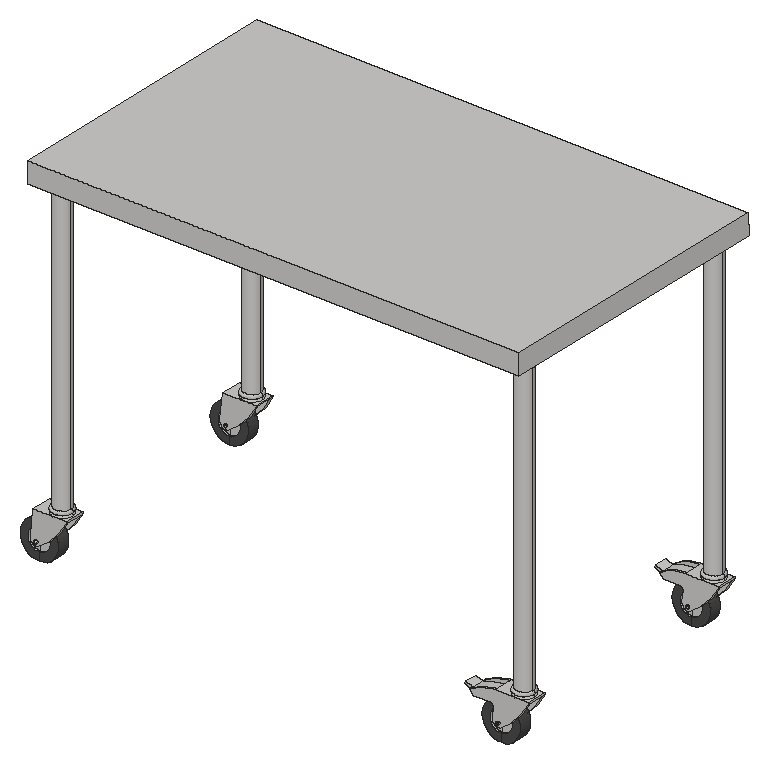
Revit family "QF_ELECTROLUXPROFESSIONAL_133065_TG1200ENR", category Attrezzature speciali, Revit 2020
Family settings
  Quota connettore circolare = Usa diametro
  Tipo di parte = Normale
  Basato su piano di lavoro = No
  Sempre verticale = Sì
  Taglio con vuoti quando caricato = No
  Condiviso = No
  Punto di calcolo locali = No
Parameters (values of type "Standard")
  Weight = 40.00 kg
  Watts = 0 W
  Volts = 0 V
  URL Manufacturer = "https://www.electroluxprofessional.com/"
  URL = "https://www.electroluxprofessional.com/"
  Steam Supply Size = 0 mm
  Steam Supply Minimum Pressure = 0.0 Pa
  Steam Supply Maximum Pressure = 0.0 Pa
  Steam Consumption per Hour = 0
  Refrigeration Suction Line Size = 0.0 mm
  Refrigeration Liquid Line Size = 0.0 mm
  Refrigerant Compressor Remote = yes
  Prospetto di default = 0.0 mm
  Produttore = "Electrolux Professional"
  Phase = 0
  Modello = "TG1200ENR"
  Length Actual = 1200.0 mm  # constant formula
  Item Number = "133065"
  Hot Water Size = 0 mm
  Height Actual = 900.0 mm  # constant formula
  HP = "0 HP"
  Gas Size = 0 mm
  Gas KW = 0
  Gas Input Pressure = 0 W
  Direct Waste Size = 0 mm
  Descrizione = "WORK TABLE ON WHEELS 1200MM H900"
  Depth Actual = 700.0 mm  # constant formula
  Cycle = 0 Hz
  Condensate Return Size = 0 mm
  Compressed Air Volume = 0.0 L/s
  Compressed Air Size = 0 mm
  Compressed Air Pressure = 0.0 Pa
  Cold Water Size = 0 mm
  Accessory = yes
Reference planes
  plane 1 "Center (Front/Back)": y = 0
  plane 2: z = 0
  plane 3 "Center (Left/Right)": x = 0
  plane 4 "LEFT": x = -600
  plane 5 "RIGHT": x = 600
  plane 6 "BACK": y = 350
  plane 7 "FRONT": y = -350
  plane 8 "Base": z = 850
  plane 9 "TOP": z = 900
  plane 10: x = -564.5
  plane 11: x = 564.5
  plane 12: y = 290
  plane 13: y = -290
Forms (mm)
  Extrusion 1, solid, material "QF_Finishes_Stainless Steel"
    sketch origin (0, 0, 900) x (0, 1, 0) y (-1, 0, 0)
      loop
        line (350, 600) -> (-350, 600) -> (-350, -600) -> (350, -600) -> (350, 600)
    from 0 to -50
  Extrusion 2, solid, material "QF_Finishes_Stainless Steel"
    sketch origin (0, 0, 0) x (0, 1, 0) y (0, 0, 1)
      loop
        line (350, 900) -> (-350, 900) -> (-350, 850) -> (350, 850) -> (350, 900)
    from 600 to -600
Lines and regions (mm)
  symbolic lines
    curve 1: line (600, 350, 900) -> (-600, 350, 900)
    curve 2: line (-600, 350, 900) -> (-600, -350, 900)
    curve 3: line (-600, -350, 900) -> (600, -350, 900)
    curve 4: line (600, -350, 900) -> (600, 350, 900)
Dimensions and locks
  plane 4 "LEFT" to plane 5 "RIGHT" = 1200.0 mm
  equal spacing: plane 4 "LEFT", plane 3 "Center (Left/Right)", plane 5 "RIGHT"
  equal spacing: plane 6 "BACK", plane 1 "Center (Front/Back)", plane 7 "FRONT"
  plane 6 "BACK" to plane 7 "FRONT" = 700.0 mm
  plane 8 "Base" to level = 850.0 mm
  plane 9 "TOP" to level = 900.0 mm
  plane 6 "BACK" to plane 12 = 60.0 mm
  plane 13 to plane 7 "FRONT" = 60.0 mm
  plane 4 "LEFT" to plane 10 = 35.5 mm
  plane 11 to plane 5 "RIGHT" = 35.5 mm
  plane 10 to plane 11 = 1129.0 mm
  plane 12 to plane 13 = 580.0 mm
  aligned and locked: level to plane 2
  aligned and locked: plane 10 to nested 1
  aligned and locked: nested 1 to plane 13
  aligned and locked: plane 11 to nested 2
  aligned and locked: nested 2 to plane 13
  aligned and locked: plane 11 to nested 4
  aligned and locked: nested 4 to plane 12
  aligned and locked: plane 10 to nested 3
  aligned and locked: nested 3 to plane 12
  aligned and locked: Extrusion 1 sketch curve to plane 6 "BACK"
  aligned and locked: Extrusion 1 sketch curve to plane 4 "LEFT"
  aligned and locked: Extrusion 1 sketch curve to plane 7 "FRONT"
  aligned and locked: Extrusion 1 sketch curve to plane 5 "RIGHT"
  aligned and locked: plane 12 to nested 6
  aligned and locked: plane 11 to nested 6
  aligned and locked: plane 13 to nested 5
  aligned and locked: plane 10 to nested 5
  aligned and locked: plane 12 to nested 7
  aligned and locked: plane 10 to nested 7
  aligned and locked: plane 11 to nested 8
  aligned and locked: plane 13 to nested 8
  aligned and locked: Extrusion 2 sketch curve to plane 6 "BACK"
  aligned and locked: Extrusion 2 sketch curve to plane 9 "TOP"
  aligned and locked: plane 8 "Base" to Extrusion 2 sketch curve
  aligned and locked: plane 7 "FRONT" to Extrusion 2 sketch curve
  aligned and locked: Extrusion 2 to plane 4 "LEFT"
  aligned and locked: plane 5 "RIGHT" to Extrusion 2
  aligned and locked: plane 6 "BACK" to Extrusion 2
  aligned and locked: Extrusion 2 to plane 7 "FRONT"
Automatic sketch dimensions
  curve 2 to plane 4 "LEFT" = 0.0 mm
  curve 2 to plane 7 "FRONT" = 0.0 mm
  curve 2 to plane 6 "BACK" = 0.0 mm
  curve 1 to plane 5 "RIGHT" = 0.0 mm
Nested families
  nested 1: "FEET_D40_WHEEL" at (-564.5, -290, 0), type "FEET_D40_WHEEL"
  nested 2: "FEET_D40_WHEEL" at (564.5, -290, 0), type "FEET_D40_WHEEL"
  nested 3: "FEET_D40_WHEEL" at (-564.5, 290, 0), type "FEET_D40_WHEEL"
  nested 4: "FEET_D40_WHEEL" at (564.5, 290, 0), type "FEET_D40_WHEEL"
  nested 5: "WHEEL130" at (-564.5, -190.35, 0), type "WHEEL130"
    with Type Mark "", Status "", Specification by User "", Revision Code "", Installed By "", Identify Quantity as Lot yes, Furnished By "", Foodservice Equipment Identifier yes
  nested 6: "WHEEL130_LOCKED" at (564.5, 389.65, 0), type "WHEEL130_LOCKED"
    with Type Mark "", Status "", Specification by User "", Revision Code "", Installed By "", Identify Quantity as Lot yes, Furnished By "", Foodservice Equipment Identifier yes
  nested 7: "WHEEL130" at (-564.5, 389.65, 0), type "WHEEL130"
    with Type Mark "", Status "", Specification by User "", Revision Code "", Installed By "", Identify Quantity as Lot yes, Furnished By "", Foodservice Equipment Identifier yes
  nested 8: "WHEEL130_LOCKED" at (564.5, -190.35, 0), type "WHEEL130_LOCKED"
    with Type Mark "", Status "", Specification by User "", Revision Code "", Installed By "", Identify Quantity as Lot yes, Furnished By "", Foodservice Equipment Identifier yes
Definition of nested family "FEET_D40_WHEEL"
  Parameters
    Default Elevation = 0.0 mm
    FEET = 850.0 mm
  Reference planes
    plane 1 "Center (Front/Back)": y = 0
    plane 2: z = 0
    plane 3 "Center (Left/Right)": x = 0
    plane 4: z = 850
  Forms (mm)
    Extrusion 1, solid
      sketch origin (0, 0, 0) x (1, 0, 0) y (0, 1, 0)
        loop
          circle (0, 0.002) r 20
      from 130 to 845
    Extrusion 2, solid
      sketch origin (0, 0, 0) x (1, 0, 0) y (0, 1, 0)
        loop
          circle (0, 0.002) r 30
      from 845 to 850
  Lines and regions (mm)
    symbolic lines
      curve 1: line (0, -1.503, 0) -> (0, 1.508, 0)
      curve 2: line (1.561, 0, 0) -> (-1.439, 0, 0)
  Dimensions and locks
    "FEET": plane 4 to plane 2
    aligned and locked: level to plane 2
  Automatic sketch dimensions
    plane 1 "Center (Front/Back)" to curve 2 = 0.0 mm
    curve 1 to plane 3 "Center (Left/Right)" = 0.0 mm
    curve 2 to plane 3 "Center (Left/Right)" = 1.439 mm
    plane 3 "Center (Left/Right)" to curve 2 = 1.561 mm
    plane 1 "Center (Front/Back)" to curve 1 = 1.503 mm
    curve 1 to plane 1 "Center (Front/Back)" = 1.508 mm
    Extrusion 1 sketch curve to plane 3 "Center (Left/Right)" = 0.0 mm
    Extrusion 1 sketch curve to plane 1 "Center (Front/Back)" = 0.002 mm
    Extrusion 2 sketch curve to plane 3 "Center (Left/Right)" = 0.0 mm
    Extrusion 2 sketch curve to plane 1 "Center (Front/Back)" = 0.002 mm
    radius of Extrusion 1 sketch curve = 20.0 mm
    radius of Extrusion 2 sketch curve = 30.0 mm
Definition of nested family "WHEEL130"
  Parameters
    Weight = ""
    URL Manufacturer = ""
    URL Cutsheet = ""
    URL = ""
    Type Mark [instance] = ""
    Status [instance] = ""
    Specification by User [instance] = ""
    Specification by Manufacturer = ""
    Serial Number = ""
    Seismic Rating = ""
    SMACNA No = ""
    Revision Code [instance] = ""
    Default Elevation = 0.0 mm
    Omniclass Number and Title = ""
    NAFEM Spec ID Number = ""
    Model = ""
    MasterSpec. = ""
    Manufacturer = ""
    Installed By [instance] = ""
    Identify Quantity as Lot [instance] = yes
    Furnished By [instance] = ""
    Foodservice Equipment Identifier [instance] = yes
    Description = ""
    CSI MasterFormat = ""
    CSI Master Format = ""
    Assembly Code = ""
  Reference planes
    plane 1: z = 0
    plane 2 "Center (Front/Back)": y = -99.65
    plane 3 "Center (Left/Right)": x = 0
    plane 4 "TOP": z = 130
    plane 5 "Center X Caster": x = -44
  Forms (mm)
    Revolve 1, solid
      sketch origin (-44, -53.609, -25.504) x (0, -1, 0) y (0, 0, 1)
        loop
          line (26.04, 72.523) -> (26.04, 66.136) -> (35.372, 66.136) -> (35.372, 45.418) -> (31.533, 45.418) -> (31.533, 25.504) -> (60.548, 25.504) -> (60.548, 45.418) -> (56.709, 45.418) -> (56.709, 66.136) -> (66.04, 66.136) -> (66.04, 72.523) -> (26.04, 72.523)
        loop
          line (71.04, 69.259) -> (72.755, 69.259) -> (74.056, 70.56) -> (74.056, 72.523) -> (71.04, 72.523) -> (71.04, 69.259)
        loop
          line (21.099, 69.259) -> (21.099, 72.523) -> (18.053, 72.523) -> (18.053, 70.56) -> (19.353, 69.259) -> (21.099, 69.259)
        axis (18.053, 72.523) -> (74.056, 72.523)
      angle from 0 to 360
    Extrusion 2, solid
      sketch origin (0, -99.65, 0) x (-1, 0, 0) y (0, 0, 1)
        loop
          line (51.098, 117.019) -> (-30.875, 117.019) -> (-30.453, 113.093)
          arc (-30.453, 113.093) -> (-1.61, 71.515) -> (37.622, 39.556) r 180.858
          arc (37.622, 39.556) -> (51.933, 40.484) -> (57.92, 53.515) r 14
          line (57.92, 53.515) -> (51.098, 117.019)
        loop
          circle (44, 47.019) r 3.264
      from -20 to -25
    Extrusion 3, solid
      sketch origin (0, -99.65, 0) x (-1, 0, 0) y (0, 0, 1)
        loop
          line (51.098, 117.019) -> (-30.875, 117.019) -> (-30.453, 113.093)
          arc (-30.453, 113.093) -> (-1.61, 71.515) -> (37.622, 39.556) r 180.858
          arc (37.622, 39.556) -> (51.933, 40.484) -> (57.92, 53.515) r 14
          line (57.92, 53.515) -> (51.098, 117.019)
        loop
          circle (44, 47.019) r 3.264
      from 20 to 25
    Revolve 4, solid
      sketch origin (0, -99.65, 0) x (-1, 0, 0) y (0, 0, 1)
        loop
          line (0, 130) -> (-20, 130)
          arc (-20, 130) -> (-23.905, 128.171) -> (-25, 124) r 5.083
          line (-25, 124) -> (-22.422, 124) -> (-22.422, 121.88) -> (-24.688, 117.019) -> (0, 117.019) -> (0, 130)
        axis (0, 130) -> (0, 117.019)
      angle from 0 to 360
    Extrusion 5, solid
      sketch origin (0, -99.65, 0) x (-1, 0, 0) y (0, 0, 1)
        loop
          line (-30.875, 117.019) -> (-30.453, 113.093) -> (51.519, 113.093) -> (51.098, 117.019) -> (-30.875, 117.019)
      from -20 to 20
  Cuts and joins
    joined: Extrusion 2, Extrusion 3, Extrusion 5
  Lines and regions (mm)
    symbolic lines
      curve 1: line (-10, -99.65, 0) -> (10, -99.65, 0)
      curve 2: line (0, -108.445, 0) -> (0, -90.405, 0)
  Dimensions and locks
    plane 4 "TOP" to level = 130.0 mm  (x3)
    aligned and locked: level to plane 1
Definition of nested family "WHEEL130_LOCKED"
  Parameters
    Weight = ""
    URL Manufacturer = ""
    URL Cutsheet = ""
    URL = ""
    Type Mark [instance] = ""
    Status [instance] = ""
    Specification by User [instance] = ""
    Specification by Manufacturer = ""
    Serial Number = ""
    Seismic Rating = ""
    SMACNA No = ""
    Revision Code [instance] = ""
    Default Elevation = 0.0 mm
    Omniclass Number and Title = ""
    NAFEM Spec ID Number = ""
    Model = ""
    MasterSpec. = ""
    Manufacturer = ""
    Installed By [instance] = ""
    Identify Quantity as Lot [instance] = yes
    Furnished By [instance] = ""
    Foodservice Equipment Identifier [instance] = yes
    Description = ""
    CSI MasterFormat = ""
    CSI Master Format = ""
    Assembly Code = ""
  Reference planes
    plane 1: z = 0
    plane 2 "Center (Front/Back)": y = -99.65
    plane 3 "Center (Left/Right)": x = 0
    plane 4 "TOP": z = 130
    plane 5 "Center X Caster": x = -44
  Forms (mm)
    Revolve 1, solid
      sketch origin (-44, -53.609, -25.504) x (0, -1, 0) y (0, 0, 1)
        loop
          line (26.04, 72.523) -> (26.04, 66.136) -> (35.372, 66.136) -> (35.372, 45.418) -> (31.533, 45.418) -> (31.533, 25.504) -> (60.548, 25.504) -> (60.548, 45.418) -> (56.709, 45.418) -> (56.709, 66.136) -> (66.04, 66.136) -> (66.04, 72.523) -> (26.04, 72.523)
        loop
          line (71.04, 69.259) -> (72.755, 69.259) -> (74.056, 70.56) -> (74.056, 72.523) -> (71.04, 72.523) -> (71.04, 69.259)
        loop
          line (21.099, 69.259) -> (21.099, 72.523) -> (18.053, 72.523) -> (18.053, 70.56) -> (19.353, 69.259) -> (21.099, 69.259)
        axis (18.053, 72.523) -> (74.056, 72.523)
      angle from 0 to 360
    Extrusion 2, solid
      sketch origin (0, -99.65, 0) x (-1, 0, 0) y (0, 0, 1)
        loop
          line (56.125, 117.019) -> (-30.875, 117.019) -> (-30.453, 113.093)
          arc (-30.453, 113.093) -> (-1.61, 71.515) -> (37.622, 39.556) r 180.858
          arc (37.622, 39.556) -> (51.933, 40.484) -> (57.92, 53.515) r 14
          line (57.92, 53.515) -> (55.234, 78.516)
          arc (55.234, 78.516) -> (57.071, 84.203) -> (62.528, 86.637) r 7.337
          line (62.528, 86.637) -> (102.952, 86.637) -> (113.559, 97.243)
          arc (113.559, 97.243) -> (85.909, 110.231) -> (56.125, 117.019) r 142.32
        loop
          circle (44, 47.019) r 3.264
      from -20 to -25
    Extrusion 3, solid
      sketch origin (0, -99.65, 0) x (-1, 0, 0) y (0, 0, 1)
        loop
          line (56.125, 117.019) -> (-30.875, 117.019) -> (-30.453, 113.093)
          arc (-30.453, 113.093) -> (-1.61, 71.515) -> (37.622, 39.556) r 180.858
          arc (37.622, 39.556) -> (51.933, 40.484) -> (57.92, 53.515) r 14
          line (57.92, 53.515) -> (55.234, 78.516)
          arc (55.234, 78.516) -> (57.071, 84.203) -> (62.528, 86.637) r 7.337
          line (62.528, 86.637) -> (102.952, 86.637) -> (113.559, 97.243)
          arc (113.559, 97.243) -> (85.909, 110.231) -> (56.125, 117.019) r 142.32
        loop
          circle (44, 47.019) r 3.264
      from 20 to 25
    Extrusion 4, solid
      sketch origin (0, -99.65, 0) x (-1, 0, 0) y (0, 0, 1)
        loop
          line (133.012, 98.841) -> (130.309, 103.34) -> (113.559, 97.243)
          arc (113.559, 97.243) -> (84.897, 105.851) -> (55.427, 111.06) r 256.377
          line (55.427, 111.06) -> (44.82, 111.06)
          arc (44.82, 111.06) -> (37.781, 106.584) -> (38.85, 98.311) r 7.772
          line (38.85, 98.311) -> (105.452, 92.484) -> (114.112, 87.484) -> (133.012, 98.841)
        loop
          circle (44, 105.324) r 3.494
      from -14.507 to 14.507
    Extrusion 5, solid
      sketch origin (0, -99.65, 0) x (-1, 0, 0) y (0, 0, 1)
        loop
          circle (44, 105.324) r 3.494
      from -20 to 20
    Revolve 6, solid
      sketch origin (0, -99.65, 0) x (-1, 0, 0) y (0, 0, 1)
        loop
          line (0, 130) -> (-20, 130)
          arc (-20, 130) -> (-23.905, 128.171) -> (-25, 124) r 5.083
          line (-25, 124) -> (-22.422, 124) -> (-22.422, 121.88) -> (-24.688, 117.019) -> (0, 117.019) -> (0, 130)
        axis (0, 130) -> (0, 117.019)
      angle from 0 to 360
    Extrusion 7, solid
      sketch origin (0, -99.65, 0) x (-1, 0, 0) y (0, 0, 1)
        loop
          line (-30.875, 117.019) -> (-30.453, 113.093) -> (51.519, 113.093) -> (51.098, 117.019) -> (-30.875, 117.019)
      from -20 to 20
  Cuts and joins
    joined: Extrusion 2, Extrusion 3, Extrusion 7
  Lines and regions (mm)
    symbolic lines
      curve 1: line (11.908, -99.65, 0) -> (-11.403, -99.65, 0)
      curve 2: line (0, -111.652, 0) -> (0, -88.928, 0)
  Dimensions and locks
    plane 4 "TOP" to level = 130.0 mm  (x3)
    aligned and locked: level to plane 1
